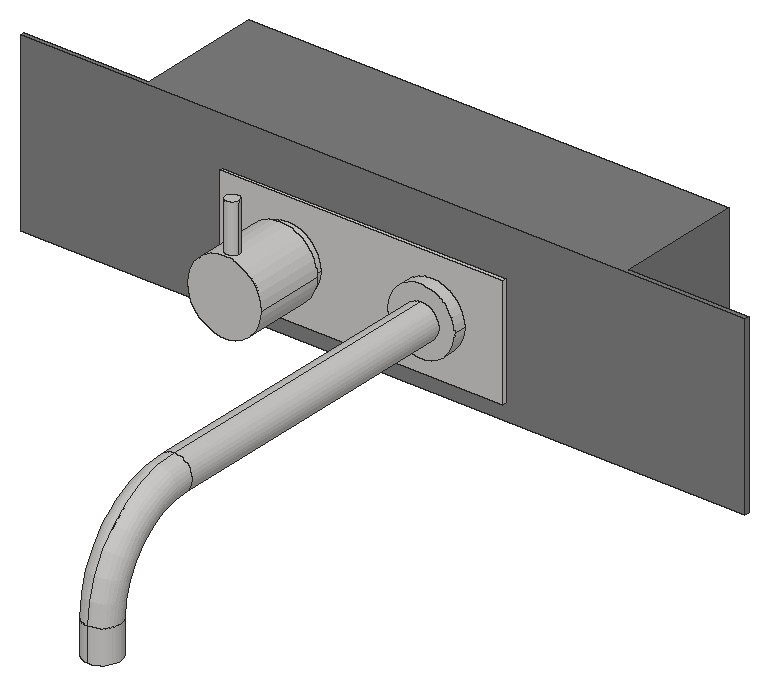
Revit family "122", category Plumbing Fixtures, Revit 2021
Family settings
  Round Connector Dimension = Use Diameter
  Part Type = Normal
  Work Plane-Based = No
  Always vertical = Yes
  Cut with Voids When Loaded = No
  Shared = No
  Room Calculation Point = No
Parameters
  e-mail = "info@vola.com"
  URL = "http://vola.com"
  Telephone = "+45 7023 5500"
  Quality management standard = "ISO 9001"
  Organisation no. / DUNS no. = "17531328"
  Occupational health and safety management standard = "ISO 18001"
  Mounting Instructions = "http://vola.com/service/producturl.ashx?name=122"
  Model = "122"
  Mixer Offset [instance] = 12.00 mm
  Mixer = yes
  Materials and components information = "http://vola.com/service/producturl.ashx?name=122"
  Manufacturer = "VOLA A/S"
  Maintenance Instructions = "http://vola.com/service/producturl.ashx?name=122"
  Guarantee = "2 years"
  Flow = "5,00 l/min"
  Environmental management standard = "ISO 14000"
  Default Elevation = 0.00 mm
  Connection - All relevant connections = "½\" for water connection"
  Approvals = "http://vola.com/service/producturl.ashx?name=122"
Reference planes
  plane 1 "Center (Front/Back)": y = 0
  plane 2: z = 0
  plane 3 "Center (Left/Right)": x = 0
  plane 4 "Mixer plane": y = 12
  plane 5 "Wall Surface": y = 0
Forms (mm)
  Extrusion 1, solid, material "Stainless Steel", visible <- "Mixer"
    sketch origin (16.5, 10, 0) x (0, 0, 1) y (-1, 0, 0)
      loop
        circle (0, 16.5) r 16.5
    from 0 to 10
  Extrusion 2, solid, material "Stainless Steel", visible <- "Mixer"
    sketch origin (-99, 10, 21) x (-1, 0, 0) y (0, 0, -1)
      loop
        circle (-21, 21) r 19.5
    from 0 to 10
Dimensions and locks
  "Mixer Offset": plane 4 "Mixer plane" to plane 1 "Center (Front/Back)"
  aligned and locked: plane 2 to level
  aligned and locked: nested 3 to nested 3
  aligned and locked: nested 1 to plane 4 "Mixer plane"
  aligned and locked: plane 1 "Center (Front/Back)" to Extrusion 1
  aligned and locked: plane 1 "Center (Front/Back)" to Extrusion 2
Automatic sketch dimensions
  Extrusion 2 sketch curve to Extrusion 2 sketch curve = 0.00 mm  (x2)
  Extrusion 2 sketch curve to nested 1 = 1.50 mm
  Extrusion 2 sketch curve to nested 1 = 21.00 mm
  Extrusion 2 sketch curve to Extrusion 2 sketch curve = 19.50 mm
  radius of Extrusion 1 sketch curve to nested 1 = 0.00 mm
Nested families
  nested 1: "100" at (-39, 82.5, -70), visible <- "Mixer", type "100"
  nested 2: "3002" at (-38.064, 0, 0) x (-1, 0, 0) z (0, -1, 0), type "3002"
  nested 3: "NR28" at (-78, -2, 0), type "NR28"
  nested 4: "020" at (0, -2, 0), type "020"
Connectors
  piping at (-105, 57.5, -70), diameter 28
    settings: on nested 1, index 1, connector inside diameter 1.10236", connector length 0.00 mm, flow factor 0, pipe flow 0 GPM, pressure drop 0.00 psi, fitting loss kfactor 0, connector angle 0.00°, fixture units 0, engagement length 0.00 mm, angle of deflection 0.00°, flow configuration 0, flow direction 1, fitting loss method 0, system type 19, joint type 0, gender type 0, connector reference index -1, connector utility 0, adjustable connector no, is connector primary yes, connector description ""
  piping at (-51, 57.5, -70), diameter 28
    settings: on nested 1, index 2, connector inside diameter 1.10236", connector length 0.00 mm, flow factor 0, pipe flow 0 GPM, pressure drop 0.00 psi, fitting loss kfactor 0, connector angle 0.00°, fixture units 0, engagement length 0.00 mm, angle of deflection 0.00°, flow configuration 0, flow direction 1, fitting loss method 0, system type 20, joint type 0, gender type 0, connector reference index -1, connector utility 0, adjustable connector no, is connector primary no, connector description ""
Definition of nested family "100"
  Parameters
    e-mail = "info@vola.com"
    URL = "http://vola.com"
    Telephone = "+45 7023 5500"
    Quality management standard = "ISO 9001"
    Organisation no. / DUNS no. = "17531328"
    Occupational health and safety management standard = "ISO 18001"
    Mounting Instructions = "http://vola.com/service/producturl.ashx?name=100"
    Model = "100"
    Materials and components information = "http://vola.com/service/producturl.ashx?name=100"
    Manufacturer = "VOLA A/S"
    Maintenance Instructions = "http://vola.com/service/producturl.ashx?name=100"
    Guarantee = "2 years"
    Flow = "18,00 l/min"
    Environmental management standard = "ISO 14000"
    Default Elevation = 0.00 mm
    Connection - All relevant connections = ""
    Approvals = "http://vola.com/service/producturl.ashx?name=100"
  Reference planes
    plane 1 "Center (Front/Back)": y = 0
    plane 2: z = 0
    plane 3 "Center (Left/Right)": x = 0
    plane 4 "Front Plane": y = -72.5
    plane 5 "Inlet Center Plane": y = -25
    plane 6: z = 70
  Forms (mm)
    Extrusion 1, solid
      sketch origin (0, 0, 1) x (1, 0, 0) y (0, 0, 1)
        loop
          circle (39, 69) r 16.5
      from 70.5 to 72.5
    Extrusion 2, solid
      sketch origin (1032.5, -2.5, 1) x (-1, 0, 0) y (0, 0, -1)
        loop
          line (1092.5, -90) -> (1092.5, -48) -> (1050.5, -48) -> (1050.5, -90) -> (1092.5, -90)
      from 68 to 70
    Extrusion 3, solid
      sketch origin (0, 0, 1) x (1, 0, 0) y (0, 1, 0)
        loop
          line (-127.5, 0) -> (-127.5, -68) -> (132.5, -68) -> (132.5, 0) -> (-127.5, 0)
      from 21.5 to 116.5
    Extrusion 4, solid
      sketch origin (0, 0, 22.5) x (0, 1, 0) y (1, 0, 0)
        loop
          circle (-25, -12) r 14
      from 0 to 22.5
    Extrusion 5, solid
      sketch origin (-54, 0, 22.5) x (0, 1, 0) y (1, 0, 0)
        loop
          circle (-25, -12) r 14
      from 0 to 22.5
    Extrusion 6, solid
      sketch origin (0, 0, 1) x (1, 0, 0) y (0, 1, 0)
        loop
          line (-195, -68) -> (-195, -70.5) -> (197.5, -70.5) -> (197.5, -68) -> (-195, -68)
      from 21.5 to 116.5
  Cuts and joins
    joined: Extrusion 3, Extrusion 6
  Lines and regions (mm)
    reference lines
      curve 1: line (-39, -25, 70) -> (-39, -122.5, 70)
      curve 2: line (39, -25, 70) -> (39, -122.5, 70)
      curve 3: line (-66, -25, 70) -> (-66, -25, -29)
      curve 4: line (-12, -25, 70) -> (-12, -25, -29)
  Dimensions and locks
    aligned and locked: plane 2 to level
    aligned and locked: plane 6 to curve 4
    aligned and locked: plane 6 to curve 3
    aligned and locked: Extrusion 3 to Extrusion 6
    aligned and locked: Extrusion 6 to Extrusion 3
Definition of nested family "3002"
  Parameters
    e-mail = "info@vola.com"
    URL = "http://vola.com"
    Telephone = "+45 7023 5500"
    Quality management standard = "ISO 9001"
    Organisation no. / DUNS no. = "17531328"
    Occupational health and safety management standard = "ISO 18001"
    Mounting Instructions = "http://vola.com/service/producturl.ashx?name=3002"
    Model = "3002"
    Materials and components information = "http://vola.com/service/producturl.ashx?name=3002"
    Manufacturer = "VOLA A/S"
    Maintenance Instructions = "http://vola.com/service/producturl.ashx?name=3002"
    Guarantee = "2 years"
    Environmental management standard = "ISO 14000"
    Default Elevation = 1219.20 mm
    Connection - All relevant connections = ""
    Approvals = "http://vola.com/service/producturl.ashx?name=3002"
  Reference planes
    plane 1 "Center (Front/Back)": y = 0
    plane 2: z = 0
    plane 3 "Center (Left/Right)": x = 0
  Forms (mm)
    Extrusion 1, solid
      sketch origin (0, 0, 0) x (1, 0, 0) y (0, 1, 0)
        loop
          line (-76.5, 30) -> (-76.5, -30) -> (76.5, -30) -> (76.5, 30) -> (-76.5, 30)
        loop
          circle (39.936, 0) r 16.5
        loop
          circle (-38.064, 0) r 18
      from 0 to 2
  Dimensions and locks
    aligned and locked: plane 2 to level
Definition of nested family "NR28"
  Parameters
    e-mail = "info@vola.com"
    URL = "http://vola.com"
    Telephone = "+45 7023 5500"
    Quality management standard = "ISO 9001"
    Organisation no. / DUNS no. = "17531328"
    Occupational health and safety management standard = "ISO 18001"
    Mounting Instructions = "http://vola.com/service/producturl.ashx?name=NR28"
    Model = "NR28"
    Materials and components information = "http://vola.com/service/producturl.ashx?name=NR28"
    Manufacturer = "VOLA A/S"
    Maintenance Instructions = "http://vola.com/service/producturl.ashx?name=NR28"
    Guarantee = "2 years"
    Environmental management standard = "ISO 14000"
    Default Elevation = 0.00 mm
    Connection - All relevant connections = ""
    Approvals = "http://vola.com/service/producturl.ashx?name=NR28"
  Reference planes
    plane 1 "Center (Front/Back)": y = 0
    plane 2: z = 0
    plane 3 "Center (Left/Right)": x = 0
  Forms (mm)
    Extrusion 1, solid
      sketch origin (0, 0, 0) x (1, 0, 0) y (0, 0, 1)
        loop
          circle (0, 0) r 20
      from 5 to 42.5
    Extrusion 2, solid
      sketch origin (0, -2.75, 0) x (0, -1, 0) y (1, 0, 0)
        loop
          circle (34.5, 0) r 3.5
      from 19 to 45.5
    Extrusion 3, solid
      sketch origin (0, 0, 0) x (1, 0, 0) y (0, 0, 1)
        loop
          circle (0, 0) r 18
      from 0 to 5
  Cuts and joins
    joined: Extrusion 1, Extrusion 2
  Lines and regions (mm)
    model lines
      curve 1: line (6.05, -42.5, 19.141) -> (6.05, -42.5, -19.141)
      curve 2: line (-6.05, -42.5, 19.141) -> (-6.05, -42.5, -19.141)
  Dimensions and locks
    aligned and locked: plane 2 to level
Definition of nested family "020"
  Parameters
    e-mail = "info@vola.com"
    URL = "http://vola.com"
    Telephone = "+45 7023 5500"
    Quality management standard = "ISO 9001"
    Organisation no. / DUNS no. = "17531328"
    Occupational health and safety management standard = "ISO 18001"
    Mounting Instructions = "http://vola.com/service/producturl.ashx?name=020"
    Model = "020"
    Materials and components information = "http://vola.com/service/producturl.ashx?name=020"
    Manufacturer = "VOLA A/S"
    Maintenance Instructions = "http://vola.com/service/producturl.ashx?name=020"
    Guarantee = "2 years"
    Environmental management standard = "ISO 14000"
    Default Elevation = 0.00 mm
    Connection - All relevant connections = ""
    Approvals = "http://vola.com/service/producturl.ashx?name=020"
  Reference planes
    plane 1 "Center (Front/Back)": y = 0
    plane 2: z = 0
    plane 3 "Center (Left/Right)": x = 0
  Forms (mm)
    Extrusion 1, solid
      sketch origin (0, 0, 0) x (1, 0, 0) y (0, 0, 1)
        loop
          circle (0, 0) r 18
      from 0 to 7
    Sweep 2, solid
      path origin (0, 0, 0) x (0, 1, 0) y (0, 0, 1)
        loop
          line (-7, 0) -> (-174, 0)
          arc (-174, 0) -> (-208.648, -14.352) -> (-223, -49) r 49
      profile origin (0, -208.648, -14.352) x (0, 0.707107, -0.707107) y (1, 0, 0)
        loop
          circle (0, 0) r 9.5
    Extrusion 3, solid
      sketch origin (0, -223, -49) x (0, -1, 0) y (-1, 0, 0)
        loop
          circle (0, 0) r 9.5
      from 0 to 18
  Dimensions and locks
    Sweep 2 sketch curve to plane 1 "Center (Front/Back)" = 223.00 mm
    aligned and locked: plane 2 to level
